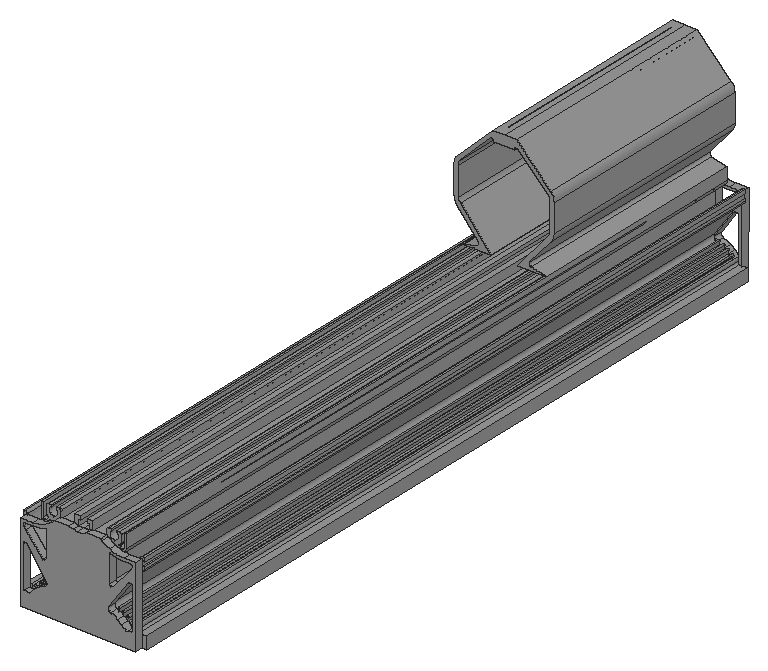
Revit family "L-street 24 Standart", category Осветительные приборы, Revit 2017 (continued)
Types (7, lengths in mm): name | built-in parameter 1150134 | Файл фотометрической сетки | built-in parameter 1150105 | Lumens | built-in parameter 1150106 | built-in parameter 1150142 | Wattage | built-in parameter 1150107 | Артикул
    .292 1766.879 1781.772 1788.933 1742.247 1484.476 1009.032 603.758 398.114 286.413\r\n 198.198 124.017 71.031 49.263 41.53 36.947 33.224 28.928 0.00 0.00 0.00 0.00 0.00 0.00 0.00 0.00 0.00 0.00 0.00 0.00 0.00 0.00 \r\n0.00 0.00 0.00 0.00 0.00 0.00 0.00 0.00 0.00 0.00 0.00 0.00 0.00 0.00 0.00 0.00 0.00 0.00 0.00 0.00 0.00 0.00\r\n1229.747 1257.351 1285.419 1315.206 1347.284 1381.081 1415.451 1448.674 1479.034 1507.675 1536.317 1564.958 1593.026 1623.959 \r\n1657.183 1695.562 1741.388 1779.767 1790.651 1781.486 1783.204 1805.544 1842.778 1871.419 1782.63 1359.313 800.808 478.309 317.918 \r\n211.945 136.332 76.186 50.409 42.962 38.952 34.942 30.36 0.00 0.00 0.00 0.00 0.00 0.00 0.00 0.00 0.00 0.00 0.00 0.00 0.00 0.00 0.00\r\n 0.00 0.00 0.00 0.00 0.00 0.00 0.00 0.00 0.00 0.00 0.00 0.00 0.00 0.00 0.00 0.00 0.00 0.00 0.00 0.00 0.00\r\n1229.747 1257.638 1284.56 1312.629 1343.561 1376.785 1411.441 1443.805 1473.593 1501.947 1531.162 1559.23 1585.866 1614.794 \r\n1645.727 1681.242 1723.917 1767.165 1794.661 1799.244 1801.535 1815.282 1844.497 1885.74 1877.148 1643.435 1200.641 755.557 432.483\r\n 248.033 147.503 79.623 53.56 46.399 42.103 38.093 32.651 0.00 0.00 0.00 0.00 0.00 0.00 0.00 0.00 0.00 0.00 0.00 0.00 0.00 0.00 \r\n0.00 0.00 0.00 0.00 0.00 0.00 0.00 0.00 0.00 0.00 0.00 0.00 0.00 0.00 0.00 0.00 0.00 0.00 0.00 0.00 0.00 0.00\r\n1229.747 1257.924 1283.701 1310.051 1339.838 1372.489 1407.431 1438.936 1468.151 1496.219 1526.006 1553.501 1578.706 1605.629 \r\n1634.27 1666.921 1706.446 1754.563 1798.671 1817.001 1819.865 1825.02 1846.215 1900.061 1971.664 1927.555 1600.471 1032.803 547.047\r\n 284.121 158.673 83.06 56.71 49.836 45.253 41.243 34.942 0.00 0.00 0.00 0.00 0.00 0.00 0.00 0.00 0.00 0.00 0.00 0.00 0.00 0.00 0.00\r\n 0.00 0.00 0.00 0.00 0.00 0.00 0.00 0.00 0.00 0.00 0.00 0.00 0.00 0.00 0.00 0.00 0.00 0.00 0.00 0.00 0.00\r\n1229.747 1258.211 1281.41 1306.614 1334.683 1365.902 1399.698 1431.776 1461.277 1489.918 1519.992 1547.20 1571.546 1596.75 1622.241\r\n 1649.164 1680.955 1720.767 1764.588 1798.671 1818.147 1829.603 1841.06 1868.842 1920.683 1941.304 1780.627 1385.378 903.918 \r\n493.489 211.373 82.201 57.569 55.278 51.268 45.826 38.093 0.00 0.00 0.00 0.00 0.00 0.00 0.00 0.00 0.00 0.00 0.00 0.00 0.00 0.00 \r\n0.00 0.00 0.00 0.00 0.00 0.00 0.00 0.00 0.00 0.00 0.00 0.00 0.00 0.00 0.00 0.00 0.00 0.00 0.00 0.00 0.00 0.00\r\n1229.747 1258.497 1279.118 1303.177 1329.527 1359.314 1391.965 1424.616 1454.403 1483.617 1513.977 1540.899 1564.385 1587.871 \r\n1610.211 1631.406 1655.464 1686.97 1730.504 1780.34 1816.428 1834.186 1835.904 1837.623 1869.701 1955.052 1960.779 1737.949 \r\n1260.786 702.855 264.072 81.341 58.428 60.719 57.283 50.409 41.243 0.00 0.00 0.00 0.00 0.00 0.00 0.00 0.00 0.00 0.00 0.00 0.00 0.00\r\n 0.00 0.00 0.00 0.00 0.00 0.00 0.00 0.00 0.00 0.00 0.00 0.00 0.00 0.00 0.00 0.00 0.00 0.00 0.00 0.00 0.00 0.00 0.00\r\n1229.747 1259.643 1279.118 1301.459 1326.949 1356.45 1388.242 1419.174 1447.243 1475.598 1503.953 1529.443 1551.497 1574.123 \r\n1594.745 1612.789 1631.406 1655.178 1687.829 1726.781 1763.156 1791.224 1804.972 1808.695 1817.288 1858.818 1882.59 1747.403 \r\n1382.80 869.262 319.923 77.904 53.846 61.292 58.715 51.841 41.243 0.00 0.00 0.00 0.00 0.00 0.00 0.00 0.00 0.00 0.00 0.00 0.00 0.00 \r\n0.00 0.00 0.00 0.00 0.00 0.00 0.00 0.00 0.00 0.00 0.00 0.00 0.00 0.00 0.00 0.00 0.00 0.00 0.00 0.00 0.00 0.00 0.00\r\n1229.747 1260.788 1279.118 1299.74 1324.371 1353.586 1384.518 1413.732 1440.082 1467.578 1493.928 1517.986 1538.608 1560.375 \r\n1579.279 1594.172 1607.347 1623.386 1645.153 1673.222 1709.883 1748.262 1774.039 1779.767 1764.874 1762.584 1804.399 1756.854 \r\n1504.81 1035.667 375.773 74.467 49.263 61.865 60.147 53.273 41.243 0.00 0.00 0.00 0.00 0.00 0.00 0.00 0.00 0.00 0.00 0.00 0.00 0.00\r\n 0.00 0.00 0.00 0.00 0.00 0.00 0.00 0.00 0.00 0.00 0.00 0.00 0.00 0.00 0.00 0.00 0.00 0.00 0.00 0.00 0.00 0.00 0.00\r\n1229.747 1261.075 1276.827 1296.017 1320.075 1348.144 1378.217 1406.572 1432.922 1460.131 1486.195 1509.967 1530.589 1550.637 \r\n1567.823 1579.279 1590.162 1602.192 1616.512 1633.124 1655.751 1680.955 1701.004 1712.747 1713.606 1713.32 1720.194 1662.625 \r\n1457.84 989.556 353.433 76.186 50.409 65.589 66.448 60.433 47.831 0.00 0.00 0.00 0.00 0.00 0.00 0.00 0.00 0.00 0.00 0.00 0.00 0.00 \r\n0.00 0.00 0.00 0.00 0.00 0.00 0.00 0.00 0.00 0.00 0.00 0.00 0.00 0.00 0.00 0.00 0.00 0.00 0.00 0.00 0.00 0.00 0.00\r\n1229.747 1261.361 1274.536 1292.293 1315.779 1342.702 1371.916 1399.412 1425.761 1452.684 1478.461 1501.947 1522.569 1540.899 \r\n1556.366 1564.385 1572.977 1580.997 1587.871 1593.026 1601.619 1613.648 1627.969 1645.726 1662.338 1664.057 1635.989 1568.396 \r\n1410.868 943.443 331.093 77.904 51.554 69.312 72.749 67.593 54.418 0.00 0.00 0.00 0.00 0.00 0.00 0.00 0.00 0.00 0.00 0.00 0.00 0.00\r\n 0.00 0.00 0.00 0.00 0.00 0.00 0.00 0.00 0.00 0.00 0.00 0.00 0.00 0.00 0.00 0.00 0.00 0.00 0.00 0.00 0.00 0.00 0.00\r\n1229.747 1261.361 1272.818 1289.143 1311.77 1337.26 1364.469 1390.533 1416.023 1442.087 1466.432 1488.486 1508.249 1526.006 \r\n1538.608 1545.196 1551.21 1556.652 1560.089 1561.235 1562.094 1562.953 1566.677 1572.978 1577.274 1578.133 1553.215 1466.719 \r\n1292.58 765.295 233.14 69.026 61.292 71.603 70.744 65.302 51.841 0.00 0.00 0.00 0.00 0.00 0.00 0.00 0.00 0.00 0.00 0.00 0.00 0.00 \r\n0.00 0.00 0.00 0.00 0.00 0.00 0.00 0.00 0.00 0.00 0.00 0.00 0.00 0.00 0.00 0.00 0.00 0.00 0.00 0.00 0.00 0.00 0.00\r\n1229.747 1261.361 1271.099 1285.992 1307.76 1331.818 1357.022 1381.654 1406.285 1431.49 1454.403 1475.024 1493.928 1511.112 1520.85\r\n 1526.006 1529.443 1532.307 1532.307 1529.443 1522.569 1512.258 1505.384 1500.229 1492.209 1492.209 1470.442 1365.042 1174.291 \r\n587.146 135.187 60.147 71.03 73.894 68.739 63.011 49.263 0.00 0.00 0.00 0.00 0.00 0.00 0.00 0.00 0.00 0.00 0.00 0.00 0.00 0.00 0.00\r\n 0.00 0.00 0.00 0.00 0.00 0.00 0.00 0.00 0.00 0.00 0.00 0.00 0.00 0.00 0.00 0.00 0.00 0.00 0.00 0.00 0.00\r\n1229.747 1261.361 1269.094 1282.269 1300.886 1323.226 1346.998 1370.198 1393.683 1418.029 1439.796 1460.704 1479.035 1495.073 \r\n1503.666 1506.53 1507.962 1507.962 1505.671 1500.515 1491.35 1479.607 1469.583 1457.267 1439.796 1427.767 1389.674 1272.817 \r\n1071.756 507.81 121.153 62.725 73.322 74.754 69.312 63.584 49.836 0.00 0.00 0.00 0.00 0.00 0.00 0.00 0.00 0.00 0.00 0.00 0.00 0.00 \r\n0.00 0.00 0.00 0.00 0.00 0.00 0.00 0.00 0.00 0.00 0.00 0.00 0.00 0.00 0.00 0.00 0.00 0.00 0.00 0.00 0.00 0.00 0.00\r\n1229.747 1261.361 1267.089 1278.545 1294.012 1314.633 1336.974 1358.741 1381.081 1404.567 1425.189 1446.383 1464.141 1479.034 \r\n1486.481 1487.054 1486.481 1483.617 1479.034 1471.587 1460.131 1446.956 1433.781 1414.305 1387.382 1363.324 1308.905 1180.592 \r\n969.22 428.473 107.118 65.302 75.613 75.613 69.885 64.156 50.409 0.00 0.00 0.00 0.00 0.00 0.00 0.00 0.00 0.00 0.00 0.00 0.00 0.00 \r\n0.00 0.00 0.00 0.00 0.00 0.00 0.00 0.00 0.00 0.00 0.00 0.00 0.00 0.00 0.00 0.00 0.00 0.00 0.00 0.00 0.00 0.00 0.00\r\n1229.747 1261.361 1265.657 1274.249 1288.857 1307.473 1328.095 1348.144 1369.052 1390.533 1409.436 1428.339 1444.379 1457.267 \r\n1464.427 1464.714 1462.995 1461.277 1456.408 1448.102 1436.073 1423.184 1408.577 1387.382 1360.173 1333.537 1267.089 1123.31 \r\n889.311 355.725 92.225 66.448 74.754 72.463 67.021 61.292 47.831 0.00 0.00 0.00 0.00 0.00 0.00 0.00 0.00 0.00 0.00 0.00 0.00 0.00 \r\n0.00 0.00 0.00 0.00 0.00 0.00 0.00 0.00 0.00 0.00 0.00 0.00 0.00 0.00 0.00 0.00 0.00 0.00 0.00 0.00 0.00 0.00 0.00\r\n1229.747 1261.361 1264.225 1269.953 1283.701 1300.313 1319.216 1337.546 1357.022 1376.499 1393.683 1410.295 1424.616 1435.499 \r\n1442.373 1442.373 1439.509 1438.936 1433.781 1424.616 1412.014 1399.412 1383.372 1360.459 1332.964 1303.75 1225.273 1066.027 \r\n809.402 282.976 77.331 67.593 73.894 69.312 64.156 58.428 45.253 0.00 0.00 0.00 0.00 0.00 0.00 0.00 0.00 0.00 0.00 0.00 0.00 0.00 \r\n0.00 0.00 0.00 0.00 0.00 0.00 0.00 0.00 0.00 0.00 0.00 0.00 0.00 0.00 0.00 0.00 0.00 0.00 0.00 0.00 0.00 0.00 0.00\r\n1229.747 1263.652 1265.084 1269.953 1282.269 1297.735 1314.634 1331.818 1349.862 1367.62 1384.518 1399.984 1412.873 1422.897 \r\n1427.194 1426.621 1424.616 1424.043 1420.033 1412.587 1402.276 1391.965 1377.644 1356.736 1330.959 1301.745 1229.569 1082.639 \r\n837.757 342.836 100.244 61.579 67.593 69.599 66.734 61.292 48.404 0.00 0.00 0.00 0.00 0.00 0.00 0.00 0.00 0.00 0.00 0.00 0.00 0.00 \r\n0.00 0.00 0.00 0.00 0.00 0.00 0.00 0.00 0.00 0.00 0.00 0.00 0.00 0.00 0.00 0.00 0.00 0.00 0.00 0.00 0.00 0.00 0.00\r\n1229.747 1265.943 1265.943 1269.953 1280.837 1295.157 1310.051 1326.09 1342.702 1358.741 1375.353 1389.673 1401.13 1410.295 \r\n1412.014 1410.868 1409.722 1409.15 1406.285 1400.557 1392.538 1384.518 1371.916 1353.013 1328.954 1299.74 1233.865 1099.251 866.111\r\n 402.696 123.157 55.564 61.292 69.885 69.312 64.156 51.554 0.00 0.00 0.00 0.00 0.00 0.00 0.00 0.00 0.00 0.00 0.00 0.00 0.00 0.00 \r\n0.00 0.00 0.00 0.00 0.00 0.00 0.00 0.00 0.00 0.00 0.00 0.00 0.00 0.00 0.00 0.00 0.00 0.00 0.00 0.00 0.00 0.00" | 28.7797 W | 4000 (stored number, unit not read) | "310011"
